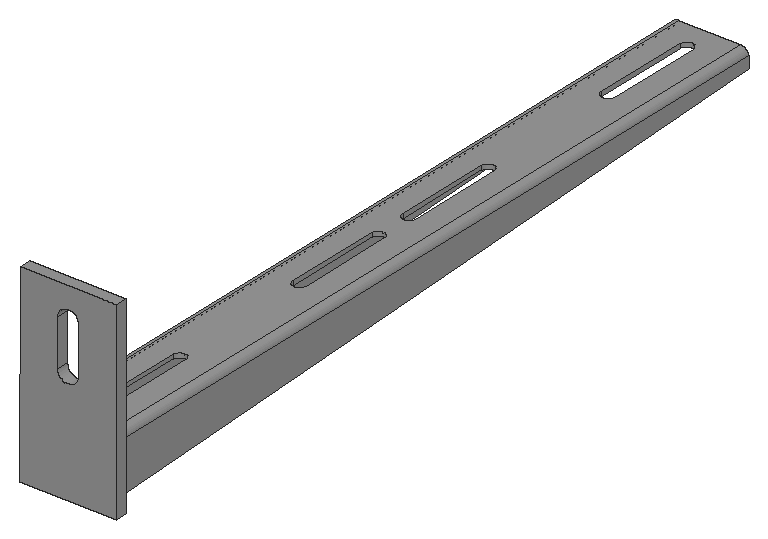
Revit family "Wand- und Stielausleger- FLA 400 G", category Generic Models, Revit 2017
Family settings
  Can host rebar = No
  Round Connector Dimension = Use Diameter
  Part Type = Normal
  Work Plane-Based = No
  Always vertical = Yes
  Cut with Voids When Loaded = No
  Shared = No
  Room Calculation Point = No
Parameters (values of type "FLA 400 G")
  Width = 400 mm
  URL = "http://www.obo-bettermann.com"
  Material = Elektrogalvanised
  Manufacturer Art.No. = "6437887"
  Manufacturer = "OBO BETTERMANN"
  GTIN = "4012196413836"
  Article Type = "FLA 400 G"
Types (3, lengths in mm): name | Material | Manufacturer Art.No. | GTIN | Article Type
  (no name) | Elektrogalvanised | "6437887" | "4012196413836" | "FLA 400 G"
  FLA 400 G | Elektrogalvanised | "6437887" | "4012196413836" | "FLA 400 G"
  FLA 400 FT | Hot dip galvanised | "6437907" | "4012196413898" | "FLA 400 FT"
Reference planes
  plane 1 "Center (Front/Back)": y = 0
  plane 2: z = 0
  plane 3 "Center (Left/Right)": x = 0
  plane 4: y = 6
  plane 5: z = 89
  plane 6: x = 25
  plane 7: z = 35
  plane 8: z = 5
  plane 9: x = 25
  plane 10: y = 416
  plane 11: x = 25
  plane 12: y = 404.5
  plane 13: y = 275.5
  plane 14: y = 311
  plane 15: x = 25
  plane 16: y = 217.5
  plane 17: y = 204.492
  plane 18: y = 210.992
  plane 19: x = 25
  plane 20: y = 204.483
  plane 21: y = 75.483
  plane 22: y = 110.983
  plane 23: x = 25
  plane 24: y = 17.483
Forms (mm)
  Extrusion 1, solid, material "Elektrogalvanised" <- "Material"
    sketch origin (0, 0, 0) x (1, 0, 0) y (0, 0, 1)
      loop
        line (0, 0) -> (50, 0) -> (50, 100) -> (0, 100) -> (0, 0)
    from 0 to -6
  Extrusion 2, void
    sketch origin (0, 0, 0) x (1, 0, 0) y (0, 0, 1)
      loop
        arc (19.5, 59.5) -> (25, 54) -> (30.5, 59.5) r 5.5
        line (30.5, 59.5) -> (30.5, 83.607)
        arc (30.5, 83.607) -> (25, 89.107) -> (19.5, 83.607) r 5.5
        line (19.5, 83.607) -> (19.5, 59.5)
    from 0 to -6
  Extrusion 3, solid, material "Elektrogalvanised" <- "Material"
    sketch origin (0, 0, 0) x (1, 0, 0) y (0, 0, 1)
      loop
        line (5, 5) -> (7, 5) -> (7, 31)
        arc (7, 31) -> (7.586, 32.414) -> (9, 33) r 2
        line (9, 33) -> (41, 33)
        arc (41, 33) -> (42.414, 32.414) -> (43, 31) r 2
        line (43, 31) -> (43, 5) -> (45, 5) -> (45, 31)
        arc (45, 31) -> (43.828, 33.828) -> (41, 35) r 4
        line (41, 35) -> (9, 35)
        arc (9, 35) -> (6.172, 33.828) -> (5, 31) r 4
        line (5, 31) -> (5, 5)
    from -6 to -416
  Extrusion 4, void
    sketch origin (0, 0, 0) x (0, 1, 0) y (0, 0, 1)
      loop
        line (416, 25) -> (6, 5) -> (416, 5) -> (416, 25)
    from 5 to 7
  Extrusion 5, void
    sketch origin (0, 0, 0) x (0, 1, 0) y (0, 0, 1)
      loop
        line (416, 25) -> (6, 5) -> (416, 5) -> (416, 25)
    from 43 to 45
  Extrusion 6, void
    sketch origin (0, 0, 0) x (1, 0, 0) y (0, 1, 0)
      loop
        arc (21.5, 350) -> (25, 346.5) -> (28.5, 350) r 3.5
        line (28.5, 350) -> (28.5, 401.008)
        arc (28.5, 401.008) -> (25, 404.508) -> (21.5, 401.008) r 3.5
        line (21.5, 401.008) -> (21.5, 350)
    from 33 to 35
  Extrusion 7, void
    sketch origin (0, 622, 0) x (1, 0, 0) y (0, 1, 0)
      loop
        line (21.5, -350) -> (21.5, -401.008)
        arc (21.5, -401.008) -> (25, -404.508) -> (28.5, -401.008) r 3.5
        line (28.5, -401.008) -> (28.5, -350)
        arc (28.5, -350) -> (25, -346.5) -> (21.5, -350) r 3.5
    from 33 to 35
  Extrusion 8, void
    sketch origin (0, -200.017, 0) x (1, 0, 0) y (0, 1, 0)
      loop
        arc (21.5, 350) -> (25, 346.5) -> (28.5, 350) r 3.5
        line (28.5, 350) -> (28.5, 401.008)
        arc (28.5, 401.008) -> (25, 404.508) -> (21.5, 401.008) r 3.5
        line (21.5, 401.008) -> (21.5, 350)
    from 33 to 35
  Extrusion 9, void
    sketch origin (0, 421.983, 0) x (1, 0, 0) y (0, 1, 0)
      loop
        line (21.5, -350) -> (21.5, -401.008)
        arc (21.5, -401.008) -> (25, -404.508) -> (28.5, -401.008) r 3.5
        line (28.5, -401.008) -> (28.5, -350)
        arc (28.5, -350) -> (25, -346.5) -> (21.5, -350) r 3.5
    from 33 to 35
Cuts and joins
  Extrusion 2 cuts Extrusion 1
  Extrusion 4, Extrusion 5, Extrusion 6, Extrusion 7, Extrusion 8, Extrusion 9 cuts Extrusion 3
Dimensions and locks
  locked: Extrusion 1 sketch curve to Extrusion 1 sketch curve at 100
  locked: Extrusion 1 sketch curve to Extrusion 1 sketch curve at 50
  locked: plane 1 "Center (Front/Back)" to plane 4 at 6
  locked: Extrusion 1 to plane 6 at 25
  locked: Extrusion 1 to plane 5 at 11
  locked: Extrusion 2 sketch curve to Extrusion 2 sketch curve at 11
  locked: plane 6 to Extrusion 2 sketch curve at 5.5
  locked: plane 5 to Extrusion 2 sketch curve at 35
  locked: Extrusion 1 to Extrusion 2 sketch curve at 10.893
  locked: cut or joined group of Extrusion 1, Extrusion 2 to plane 7 at 65
  locked: plane 7 to plane 8 at 30
  locked: cut or joined group of Extrusion 1, Extrusion 2 to plane 9 at 25
  locked: Extrusion 3 sketch curve to Extrusion 3 sketch curve at 40
  locked: plane 9 to Extrusion 3 sketch curve at 20
  locked: Extrusion 3 sketch curve to Extrusion 3 sketch curve at 2
  locked: Extrusion 3 sketch curve to Extrusion 3 sketch curve at 30  (x2)
  locked: Extrusion 3 sketch curve to cut or joined group of Extrusion 1, Extrusion 2 at 5
  locked: plane 10 to cut or joined group of Extrusion 1, Extrusion 2 at 410
  locked: cut or joined group of Extrusion 3, Extrusion 4, Extrusion 5, Extrusion 6, Extrusion 7, Extrusion 8, Extrusion 9 to plane 11 at 20
  locked: cut or joined group of Extrusion 3, Extrusion 4, Extrusion 5, Extrusion 6, Extrusion 7, Extrusion 8, Extrusion 9 to plane 12 at 11.5
  locked: Extrusion 6 sketch curve to Extrusion 6 sketch curve at 7
  plane 11 to Extrusion 6 sketch curve = 3.5 mm
  locked: plane 12 to Extrusion 6 sketch curve at 58
  cut or joined group of Extrusion 3, Extrusion 4, Extrusion 5, Extrusion 6, Extrusion 7, Extrusion 8, Extrusion 9 to Extrusion 6 sketch curve = 11.492 mm
  locked: cut or joined group of Extrusion 3, Extrusion 4, Extrusion 5, Extrusion 6, Extrusion 7, Extrusion 8, Extrusion 9 to plane 13 at 71
  locked: cut or joined group of Extrusion 3, Extrusion 4, Extrusion 5, Extrusion 6, Extrusion 7, Extrusion 8, Extrusion 9 to plane 14 at 35.5
  locked: Extrusion 7 sketch curve to Extrusion 7 sketch curve at 7
  plane 15 to Extrusion 7 sketch curve = 3.5 mm
  locked: plane 16 to Extrusion 7 sketch curve at 58
  locked: cut or joined group of Extrusion 3, Extrusion 4, Extrusion 5, Extrusion 6, Extrusion 7, Extrusion 8, Extrusion 9 to plane 17 at 13
  locked: plane 18 to plane 17 at 6.5
  locked: Extrusion 8 sketch curve to Extrusion 8 sketch curve at 7
  plane 19 to Extrusion 8 sketch curve = 3.5 mm
  locked: plane 20 to Extrusion 8 sketch curve at 58
  locked: cut or joined group of Extrusion 3, Extrusion 4, Extrusion 5, Extrusion 6, Extrusion 7, Extrusion 8, Extrusion 9 to plane 21 at 71
  locked: plane 22 to plane 21 at 35.5
  locked: Extrusion 9 sketch curve to Extrusion 9 sketch curve at 7
  plane 23 to Extrusion 9 sketch curve = 3.5 mm
  locked: plane 24 to Extrusion 9 sketch curve at 58
  aligned and locked: level to plane 2
  aligned and locked: Extrusion 1 to level
  aligned and locked: Extrusion 1 to plane 3 "Center (Left/Right)"
  aligned and locked: Extrusion 1 to plane 4
  aligned and locked: plane 1 "Center (Front/Back)" to Extrusion 2
  aligned and locked: Extrusion 1 to Extrusion 2
  aligned and locked: Extrusion 3 to plane 4
  aligned and locked: plane 10 to Extrusion 3
  aligned and locked: Extrusion 3 to Extrusion 4
  aligned and locked: Extrusion 4 to Extrusion 3
  aligned and locked: Extrusion 3 to Extrusion 5
  aligned and locked: Extrusion 5 to Extrusion 3
  aligned and locked: Extrusion 3 to Extrusion 6  (x2)
Automatic sketch dimensions
  plane 16 to Extrusion 7 sketch curve = 3.492 mm
  Extrusion 1 sketch curve to level = 0 mm
  Extrusion 1 sketch curve to plane 3 "Center (Left/Right)" = 0 mm
  Extrusion 3 sketch curve to Extrusion 3 sketch curve = 0 mm  (x4)
  Extrusion 3 sketch curve to Extrusion 3 sketch curve = 2 mm  (x2)
  Extrusion 4 sketch curve to plane 4 = 0 mm
  Extrusion 4 sketch curve to plane 10 = 0 mm
  level to Extrusion 4 sketch curve = 5 mm
  Extrusion 4 sketch curve to Extrusion 4 sketch curve = 20 mm
  Extrusion 5 sketch curve to plane 4 = 0 mm
  Extrusion 5 sketch curve to plane 10 = 0 mm
  level to Extrusion 5 sketch curve = 5 mm
  Extrusion 5 sketch curve to Extrusion 5 sketch curve = 20 mm
  Extrusion 8 sketch curve to plane 20 = 3.492 mm
  plane 24 to Extrusion 9 sketch curve = 3.492 mm
